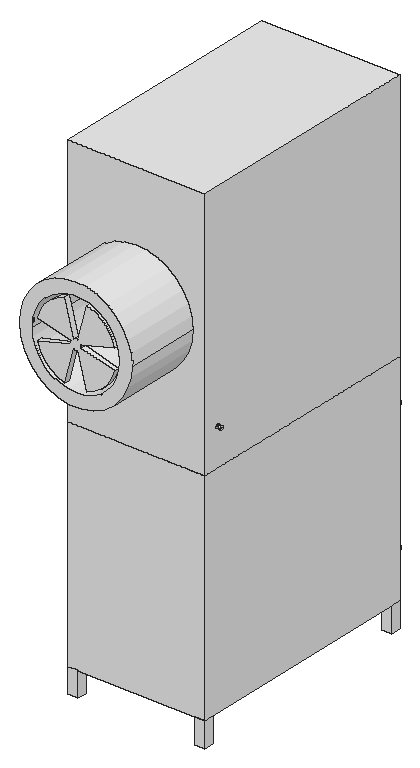
Revit family "MIT SK1015-500 - Cooling Tower ", category Specialty Equipment, Revit 2022
Family settings
  Round Connector Dimension = Use Diameter
  Part Type = Normal
  Work Plane-Based = Yes
  Always vertical = No
  Cut with Voids When Loaded = No
  Maintain Annotation Orientation = No
  Shared = No
  Room Calculation Point = No
Parameters (values of type "MLP 20 - 1.1 kW")
  URL = "https://en.ekinendustriyel.com/cooling-towers"
  Model = "MIT-SK1015 - 500"
  Manufacturer = "Ekin Endüstriyel"
  Keynote = "Cooling Towers"
  Description = "MIT-SK1015 500 - Cooling Towers"
  Default Elevation = 0 mm
Reference planes
  plane 1 "Center (Front/Back)": y = 0
  plane 2: z = 0
  plane 3 "Center (Left/Right)": x = 0
Forms (mm)
  Extrusion 1, solid, material "Ekin Endüstriyel_StainlesSteel", detail levels medium+fine
    sketch origin (0, 0, 0) x (1, 0, 0) y (0, 1, 0)
      loop
        line (-275, 485) -> (-275, -485) -> (275, -485) -> (275, 485) -> (-275, 485)
    from 975 to 1985
  Extrusion 2, solid, material "Ekin Endüstriyel_StainlesSteel", detail levels medium+fine
    sketch origin (0, 0, 0) x (1, 0, 0) y (0, 1, 0)
      loop
        line (-275, 485) -> (-275, -485) -> (275, -485) -> (275, 485) -> (-275, 485)
    from 100 to 975
  Extrusion 3, solid, material "Ekin Endüstriyel_StainlesSteel", detail levels coarse
    sketch origin (0, 0, 0) x (1, 0, 0) y (0, 1, 0)
      loop
        line (-275, 485) -> (-275, -485) -> (275, -485) -> (275, 485) -> (-275, 485)
    from 0 to 1985
  Extrusion 4, solid, material "Ekin Endüstriyel_StainlesSteel", detail levels coarse
    sketch origin (275, -485, 852.5) x (-1, 0, 0) y (0, 0, -1)
      loop
        circle (275, -627.5) r 225
    from 0 to 300
  Extrusion 5, solid, material "Ekin Endüstriyel_StainlesSteel", detail levels medium+fine
    sketch origin (275, -485, 852.5) x (-1, 0, 0) y (0, 0, -1)
      loop
        circle (275, -627.5) r 225
      loop
        circle (275, -627.5) r 175
    from 0 to 300
  Extrusion 6, solid, material "Ekin Endüstriyel_StainlesSteel", detail levels medium+fine
    sketch origin (-275, 485, 0) x (1, 0, 0) y (0, 0, -1)
      loop
        circle (275, -1942.961) r 17.145
      loop
        circle (275, -277.039) r 17.145
      loop
        circle (520, -277.039) r 19.05
      loop
        circle (520, -277.039) r 17.05
      loop
        circle (275, -277.039) r 15.145
      loop
        circle (275, -1942.961) r 15.145
      loop
        circle (520, -797.961) r 19.05
      loop
        circle (520, -797.961) r 17.05
    from 0 to 20
  Extrusion 7, solid, material "Ekin Endüstriyel_StainlesSteel", detail levels medium+fine
    sketch origin (275, 635, 875) x (0, -1, 0) y (0, 0, -1)
      loop
        circle (1062.805, -253.187) r 6.35
      loop
        circle (1062.805, -253.187) r 4.35
    from 0 to 20
  Extrusion 8, solid, material "Ekin Endüstriyel_StainlesSteel", detail levels coarse
    sketch origin (275, 635, 875) x (0, -1, 0) y (0, 0, -1)
      loop
        circle (1062.805, -253.187) r 6.35
    from 0 to 20
  Extrusion 9, solid, material "Ekin Endüstriyel_StainlesSteel", detail levels coarse
    sketch origin (-275, 485, 0) x (1, 0, 0) y (0, 0, -1)
      loop
        circle (275, -1942.961) r 17.145
      loop
        circle (275, -277.039) r 17.145
      loop
        circle (520, -277.039) r 19.05
      loop
        circle (520, -797.961) r 19.05
    from 0 to 20
  Extrusion 10, solid, material "Ekin Endüstriyel_StainlesSteel", detail levels medium+fine
    sketch origin (0, 0, 0) x (1, 0, 0) y (0, 1, 0)
      loop
        line (-275, 485) -> (-275, 445) -> (-235, 445) -> (-235, 485) -> (-275, 485)
      loop
        line (-275, -485) -> (-235, -485) -> (-235, -445) -> (-275, -445) -> (-275, -485)
      loop
        line (275, 485) -> (235, 485) -> (235, 445) -> (275, 445) -> (275, 485)
      loop
        line (275, -485) -> (275, -445) -> (235, -445) -> (235, -485) -> (275, -485)
    from 0 to 100
  Extrusion 11, solid, material "Ekin Endüstriyel_StainlesSteel", detail levels fine
    sketch origin (275, -785, 852.5) x (-1, 0, 0) y (0, 0, -1)
      loop
        arc (429.548, -586.089) -> (389.202, -515.438) -> (319.327, -473.763) r 160
        line (319.327, -473.763) -> (283.04, -609.187)
        arc (283.04, -609.187) -> (290.175, -614.472) -> (294.319, -622.324) r 20
        line (294.319, -622.324) -> (429.548, -586.089)
      loop
        arc (255.681, -622.324) -> (259.825, -614.472) -> (266.96, -609.187) r 20
        line (266.96, -609.187) -> (230.673, -473.763)
        arc (230.673, -473.763) -> (160.798, -515.438) -> (120.452, -586.089) r 160
        line (120.452, -586.089) -> (255.681, -622.324)
      loop
        arc (294.319, -632.676) -> (290.175, -640.528) -> (283.04, -645.813) r 20
        line (283.04, -645.813) -> (319.327, -781.237)
        arc (319.327, -781.237) -> (389.202, -739.562) -> (429.548, -668.911) r 160
        line (429.548, -668.911) -> (294.319, -632.676)
      loop
        line (255.681, -632.676) -> (120.452, -668.911)
        arc (120.452, -668.911) -> (160.798, -739.562) -> (230.673, -781.237) r 160
        line (230.673, -781.237) -> (266.96, -645.813)
        arc (266.96, -645.813) -> (259.825, -640.528) -> (255.681, -632.676) r 20
    from 0 to -20.256
  Extrusion 12, solid, material "Ekin Endüstriyel_StainlesSteel", detail levels fine
    sketch origin (275, -785, 852.5) x (-1, 0, 0) y (0, 0, -1)
      loop
        circle (275, -627.5) r 20
    from 0 to -300
Cuts and joins
  joined: Extrusion 11, Extrusion 12
Lines and regions (mm)
  model lines
    curve 1: line (275, -485, 1480) -> (-605, -485, 1480)
Dimensions and locks
  equal spacing: Extrusion 1 sketch curve, plane 3 "Center (Left/Right)", Extrusion 1 sketch curve
  Extrusion 1 sketch curve to plane 3 "Center (Left/Right)" = 275 mm
  equal spacing: Extrusion 1 sketch curve, plane 1 "Center (Front/Back)", Extrusion 1 sketch curve
  plane 1 "Center (Front/Back)" to Extrusion 1 sketch curve = 485 mm
  Extrusion 2 sketch curve to Extrusion 2 sketch curve = 550 mm
  Extrusion 2 sketch curve to Extrusion 2 sketch curve = 970 mm
  Extrusion 3 sketch curve to Extrusion 3 sketch curve = 550 mm
  Extrusion 3 sketch curve to Extrusion 3 sketch curve = 970 mm
  Extrusion 3 to Extrusion 3 = 550 mm
  Extrusion 3 to Extrusion 3 = 970 mm
  aligned and locked: level to plane 2
  aligned and locked: Extrusion 3 to Extrusion 1  (x2)
  aligned and locked: Extrusion 2 to Extrusion 1
  aligned and locked: Extrusion 3 to Extrusion 2
  aligned and locked: Extrusion 4 to Extrusion 5
  aligned and locked: Extrusion 4 to Extrusion 3
  aligned and locked: Extrusion 5 to Extrusion 3
  aligned and locked: Extrusion 10 to Extrusion 2
  aligned and locked: cut or joined group of Extrusion 11, Extrusion 12 to Extrusion 3
Connectors
  piping at (295, -427.805, 1128.187), diameter 12.7
    settings: on Extrusion 7, index 1, connector inside diameter 609.6 mm, connector length 0 mm, flow factor 0, pipe flow 0.0 m³/h, pressure drop 0.0 bar, fitting loss kfactor 0, connector angle 0.00°, fixture units 0, engagement length 0 mm, angle of deflection 0.00°, flow configuration 0, flow direction 0, fitting loss method 0, system type 7, joint type 0, gender type 0, connector reference index -1, connector utility 0, adjustable connector no, is connector primary yes, connector description ""
  piping at (245, 505, 277.039), diameter 38.1
    settings: on Extrusion 6, index 2, connector inside diameter 609.6 mm, connector length 0 mm, flow factor 0, pipe flow 0.0 m³/h, pressure drop 0.0 bar, fitting loss kfactor 0, connector angle 0.00°, fixture units 0, engagement length 0 mm, angle of deflection 0.00°, flow configuration 0, flow direction 0, fitting loss method 0, system type 7, joint type 0, gender type 0, connector reference index -1, connector utility 0, adjustable connector no, is connector primary no, connector description ""
  piping at (0, 505, 277.039), diameter 31.8
    settings: on Extrusion 6, index 3, connector inside diameter 609.6 mm, connector length 0 mm, flow factor 0, pipe flow 0.0 m³/h, pressure drop 0.0 bar, fitting loss kfactor 0, connector angle 0.00°, fixture units 0, engagement length 0 mm, angle of deflection 0.00°, flow configuration 0, flow direction 0, fitting loss method 0, system type 7, joint type 0, gender type 0, connector reference index -1, connector utility 0, adjustable connector no, is connector primary no, connector description ""
  piping at (0, 505, 1942.961), diameter 31.8
    settings: on Extrusion 6, index 4, connector inside diameter 609.6 mm, connector length 0 mm, flow factor 0, pipe flow 0.0 m³/h, pressure drop 0.0 bar, fitting loss kfactor 0, connector angle 0.00°, fixture units 0, engagement length 0 mm, angle of deflection 0.00°, flow configuration 0, flow direction 0, fitting loss method 0, system type 7, joint type 0, gender type 0, connector reference index -1, connector utility 0, adjustable connector no, is connector primary no, connector description ""
  piping at (245, 505, 797.961), diameter 38.1
    settings: on Extrusion 6, index 5, connector inside diameter 609.6 mm, connector length 0 mm, flow factor 0, pipe flow 0.0 m³/h, pressure drop 0.0 bar, fitting loss kfactor 0, connector angle 0.00°, fixture units 0, engagement length 0 mm, angle of deflection 0.00°, flow configuration 0, flow direction 0, fitting loss method 0, system type 7, joint type 0, gender type 0, connector reference index -1, connector utility 0, adjustable connector no, is connector primary no, connector description ""
